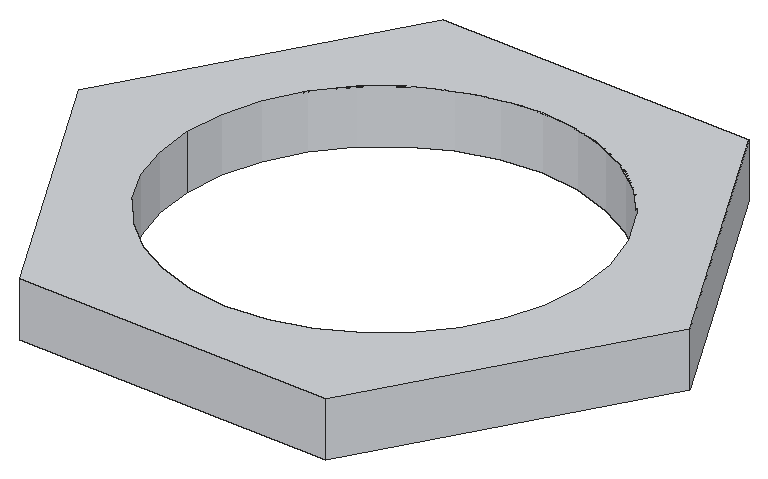
Revit family "LN1B", category Generic Models, Revit 2017
Family settings
  Can host rebar = No
  Round Connector Dimension = Use Diameter
  Part Type = Normal
  Work Plane-Based = Yes
  Always vertical = No
  Cut with Voids When Loaded = No
  Shared = No
  Room Calculation Point = No
Parameters (values of type "NBS Standard Parameters")
  Weight = "0.0075Kg"
  WarrantyStartDate [instance] = "1900-12-31T23:59:59"
  WarrantyGuarantorParts = "n/a"
  WarrantyGuarantorLabor = "n/a"
  WarrantyDurationUnit = "1 year"
  WarrantyDurationParts = "n/a"
  WarrantyDurationLabor = "n/a"
  WarrantyDescription = "n/a"
  Version = "1"
  Uniclass2 = "Pr_65_70_11_20"
  TagNumber [instance] = "n/a"
  SustainabilityPerformance = "n/a"
  Size = "20mm"
  Shape = "Hexagon"
  SerialNumber [instance] = "n/a"
  Revision = "n/a"
  ReplacementCost = "n/a"
  ProductInformation = "www.metpro.co.uk/pdf/LN1G.pdf"
  NominalWidth = 26.8 mm
  NominalLength = 26.8 mm
  NominalHeight = 2.8 mm
  Name = ""
  NBSTypeID = ""
  NBSReference = "90-55-10/460"
  NBSOfficeMasterTag = ""
  NBSNote = ""
  NBSDescription = "Conduit Fittings"
  NBSCertification = ""
  ModelReference = "LN1B"
  ModelNumber = "n/a"
  Material = "Steel"
  ManufacturerURL = "www.metpro.co.uk"
  ManufacturerName = "Metpro Ltd"
  Keynote = "Compliant to LU Standards 1-085"
  InstallationDate [instance] = "1900-12-31T23:59:59"
  IfcExportType = ""
  IfcExportAs = ""
  Grade = "n/a"
  Finish = "Black"
  Features = "n/a"
  ExpectedLife = "n/a"
  DurationUnit = "year"
  Description = "LN1B 20mm Lock Nut - Light Pattern"
  Default Elevation = 1219.2 mm
  Constituents = "n/a"
  Color = "n/a"
  CodePerformance = "n/a"
  Category = "n/a"
  BarCode [instance] = "n/a"
  BIMObjectName = "Metpro_metprolibrary_Conduitfittings_Metalcomponents_steelaccessories"
  Author = "Metpro Ltd"
  AssetType = ""
  AssetIdentifier [instance] = "n/a"
  AccessibilityPerformance = "n/a"
Reference planes
  plane 1 "Center (Front/Back)": y = 0
  plane 2: z = 0
  plane 3 "Center (Left/Right)": x = 0
Forms (mm)
  Extrusion 1, solid
    sketch origin (0, 0, 0) x (1, 0, 0) y (0, 1, 0)
      loop
        circle (10.04, 13.158) r 10
      loop
        line (2.319, 26.53) -> (-5.401, 13.158) -> (2.319, -0.214) -> (17.76, -0.214) -> (25.481, 13.158) -> (17.76, 26.53) -> (2.319, 26.53)
    from 0 to 2.75
Dimensions and locks
  aligned and locked: level to plane 2
